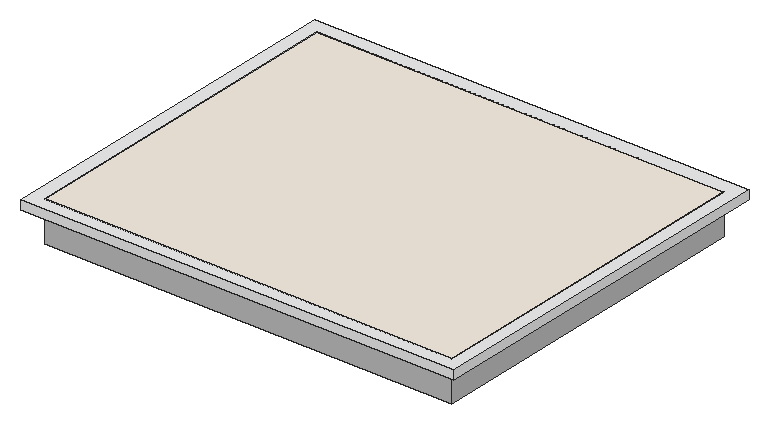
Revit family "Lighting-Industriale-GEWISS-ELIA-HL-LED_RIFLETTORE", category Apparecchi per illuminazione, host Superficie, Revit 2019 (continued)
Types (12, lengths in mm): name | Tensione | Scheda Tecnica | Potenza di sistema | Peso (kg): | Peso (kg) | Ottica | built-in parameter 1150142 | Lumen output (lm) | Modello | IDT | File diagramma fotometrico | Description
  GWF1000QM840 - ELIA HL L2 120° 4000K S.ALONE ON/OFF | "100-240 V " | "https://www.gewiss.com/it/it/search?q=GWF1000QM840" | "200W" | "4,3" | "4,3" | "120°" | "IESNA:LM-63-1995\r\n[TEST] HB25-120-4080-120D-H00115\r\n[DATE] 27 Nov 2019\r\n[MANUFAC] GEWISS\r\n[LUMCAT] GWF1000QM840\r\n[LUMINAIRE] ELIA HL - L2 120° LED840 200W\r\n[FLASHAREA] 0.013851\r\n[LAMPCAT] LED 200W/28000lm\r\n[LAMP] LED 200W/28000lm\r\nTILT=NONE\r\n1 28000.00 1.0 181 37 1 2 -0.270 0.000 0.000\r\n1.00 1.00 200.00\r\n0.00 0.50 1.00 1.50 2.00 2.50 3.00 3.50 4.00 4.50 5.00 \r\n5.50 6.00 6.50 7.00 7.50 8.00 8.50 9.00 9.50 10.00 10.50 \r\n11.00 11.50 12.00 12.50 13.00 13.50 14.00 14.50 15.00 \r\n15.50 16.00 16.50 17.00 17.50 18.00 18.50 19.00 19.50 \r\n20.00 20.50 21.00 21.50 22.00 22.50 23.00 23.50 24.00 \r\n24.50 25.00 25.50 26.00 26.50 27.00 27.50 28.00 28.50 \r\n29.00 29.50 30.00 30.50 31.00 31.50 32.00 32.50 33.00 \r\n33.50 34.00 34.50 35.00 35.50 36.00 36.50 37.00 37.50 \r\n38.00 38.50 39.00 39.50 40.00 40.50 41.00 41.50 42.00 \r\n42.50 43.00 43.50 44.00 44.50 45.00 45.50 46.00 46.50 \r\n47.00 47.50 48.00 48.50 49.00 49.50 50.00 50.50 51.00 \r\n51.50 52.00 52.50 53.00 53.50 54.00 54.50 55.00 55.50 \r\n56.00 56.50 57.00 57.50 58.00 58.50 59.00 59.50 60.00 \r\n60.50 61.00 61.50 62.00 62.50 63.00 63.50 64.00 64.50 \r\n65.00 65.50 66.00 66.50 67.00 67.50 68.00 68.50 69.00 \r\n69.50 70.00 70.50 71.00 71.50 72.00 72.50 73.00 73.50 \r\n74.00 74.50 75.00 75.50 76.00 76.50 77.00 77.50 78.00 \r\n78.50 79.00 79.50 80.00 80.50 81.00 81.50 82.00 82.50 \r\n83.00 83.50 84.00 84.50 85.00 85.50 86.00 86.50 87.00 \r\n87.50 88.00 88.50 89.00 89.50 90.00 \r\n0.00 2.50 5.00 7.50 10.00 12.50 15.00 17.50 20.00 22.50 \r\n25.00 27.50 30.00 32.50 35.00 37.50 40.00 42.50 45.00 \r\n47.50 50.00 52.50 55.00 57.50 60.00 62.50 65.00 67.50 \r\n70.00 72.50 75.00 77.50 80.00 82.50 85.00 87.50 90.00 \r\n8142.40 8142.40 8145.20 8145.20 8148.00 8148.00 8150.80 \r\n8153.60 8159.20 8162.00 8164.80 8170.40 8176.00 8178.80 \r\n8184.40 8190.00 8198.40 8204.00 8209.60 8218.00 8223.60 \r\n8232.00 8237.60 8246.00 8251.60 8260.00 8268.40 8274.00 \r\n8279.60 8288.00 8293.60 8302.00 8310.40 8318.80 8327.20 \r\n8338.40 8346.80 8358.00 8366.40 8377.60 8388.80 8397.20 \r\n8408.40 8419.60 8430.80 8442.00 8453.20 8464.40 8475.60 \r\n8486.80 8498.00 8509.20 8520.40 8528.80 8540.00 8551.20 \r\n8559.60 8568.00 8576.40 8584.80 8590.40 8596.00 8601.60 \r\n8607.20 8610.00 8612.80 8615.60 8615.60 8615.60 8615.60 \r\n8612.80 8607.20 8601.60 8593.20 8584.80 8573.60 8562.40 \r\n8545.60 8528.80 8512.00 8489.60 8467.20 8442.00 8416.80 \r\n8388.80 8358.00 8327.20 8293.60 8257.20 8220.80 8178.80 \r\n8136.80 8086.40 8030.40 7968.80 7898.80 7817.60 7728.00 \r\n7630.00 7520.80 7406.00 7291.20 7176.40 7061.60 6941.20 \r\n6809.60 6664.00 6498.80 6325.20 6143.20 5958.40 5770.80 \r\n5583.20 5401.20 5222.00 5048.40 4877.60 4706.80 4538.80 \r\n4376.40 4216.80 4057.20 3900.40 3749.20 3600.80 3452.40 \r\n3309.60 3172.40 3038.00 2906.40 2779.00 2653.00 2530.64 \r\n2414.16 2301.04 2187.08 2076.48 1973.44 1874.32 1776.04 \r\n1679.16 1582.28 1487.64 1396.36 1309.56 1229.76 1154.44 \r\n1081.08 1010.80 945.28 882.84 823.20 766.36 712.04 659.96 \r\n611.24 564.20 517.16 472.08 430.08 390.04 351.12 314.72 \r\n282.24 252.39 223.08 195.36 169.82 145.99 123.68 102.84 \r\n83.24 65.60 50.76 38.11 27.21 18.58 12.77 9.31 7.90 8.64 \r\n8142.40 8142.40 8145.20 8145.20 8148.00 8148.00 8150.80 \r\n8153.60 8159.20 8162.00 8164.80 8170.40 8176.00 8178.80 \r\n8184.40 8190.00 8195.60 8204.00 8209.60 8216.60 8223.60 \r\n8232.00 8239.00 8246.00 8253.00 8260.00 8267.00 8274.00 \r\n8281.00 8288.00 8295.00 8302.00 8310.40 8318.80 8327.20 \r\n8338.40 8346.80 8358.00 8366.40 8377.60 8388.80 8400.00 \r\n8411.20 8421.00 8430.80 8442.00 8453.20 8464.40 8475.60 \r\n8486.80 8498.00 8509.20 8520.40 8530.20 8541.40 8551.20 \r\n8561.00 8569.40 8577.80 8586.20 8591.80 8598.80 8604.40 \r\n8608.60 8612.80 8615.60 8617.00 8618.40 8617.00 8617.00 \r\n8614.20 8610.00 8604.40 8596.00 8586.20 8576.40 8563.80 \r\n8548.40 8531.60 8513.40 8493.80 8471.40 8447.60 8419.60 \r\n8391.60 8363.60 8332.80 8299.20 8262.80 8223.60 8184.40 \r\n8139.60 8090.60 8034.60 7973.00 7901.60 7823.20 7735.00 \r\n7637.00 7527.80 7414.40 7299.60 7182.00 7067.20 6945.40 \r\n6813.80 6669.60 6505.80 6329.40 6147.40 5962.60 5775.00 \r\n5587.40 5405.40 5227.60 5052.60 4881.80 4711.00 4544.40 \r\n4380.60 4221.00 4062.80 3907.40 3753.40 3603.60 3458.00 \r\n3315.20 3176.60 3039.40 2907.80 2780.68 2654.96 2532.74 \r\n2416.54 2303.14 2189.32 2078.72 1975.26 1875.16 1776.60 \r\n1679.02 1582.14 1487.22 1395.80 1308.86 1228.64 1152.76 \r\n1079.54 1009.68 944.30 882.42 822.92 766.08 712.04 660.38 \r\n611.38 564.20 517.30 472.22 429.94 389.90 350.84 314.44 \r\n281.96 251.86 222.77 195.30 169.69 145.80 123.52 102.77 \r\n83.23 65.65 50.82 38.19 27.29 18.65 12.89 9.47 8.02 8.67 \r\n8142.40 8142.40 8143.80 8145.20 8148.00 8148.00 8150.80 \r\n8153.60 8157.80 8162.00 8164.80 8170.40 8174.60 8178.80 \r\n8184.40 8190.00 8195.60 8204.00 8209.60 8216.60 8223.60 \r\n8230.60 8239.00 8246.00 8253.00 8261.40 8267.00 8275.40 \r\n8281.00 8289.40 8295.00 8303.40 8311.80 8318.80 8328.60 \r\n8338.40 8349.60 8358.00 8369.20 8377.60 8388.80 8400.00 \r\n8411.20 8422.40 8433.60 8444.80 8456.00 8467.20 8477.00 \r\n8488.20 8499.40 8510.60 8521.80 8531.60 8541.40 8552.60 \r\n8561.00 8570.80 8579.20 8587.60 8593.20 8601.60 8605.80 \r\n8610.00 8614.20 8617.00 8619.80 8619.80 8619.80 8618.40 \r\n8615.60 8611.40 8605.80 8598.80 8589.00 8579.20 8566.60 \r\n8551.20 8535.80 8516.20 8496.60 8474.20 8450.40 8423.80 \r\n8395.80 8366.40 8335.60 8302.00 8265.60 8229.20 8187.20 \r\n8143.80 8093.40 8037.40 7974.40 7904.40 7827.40 7740.60 \r\n7644.00 7534.80 7421.40 7305.20 7187.60 7072.80 6949.60 \r\n6818.00 6672.40 6510.00 6333.60 6151.60 5965.40 5777.80 \r\n5591.60 5409.60 5230.40 5055.40 4884.60 4713.80 4548.60 \r\n4384.80 4226.60 4067.00 3911.60 3757.60 3607.80 3462.20 \r\n3319.40 3179.40 3042.20 2909.20 2781.52 2655.80 2534.14 \r\n2417.94 2304.54 2190.72 2079.84 1975.82 1875.30 1776.18 \r\n1678.46 1581.16 1486.24 1394.68 1307.60 1226.82 1150.66 \r\n1077.44 1008.00 943.04 881.58 822.22 765.66 711.76 660.24 \r\n611.24 563.92 517.02 471.94 429.52 389.48 350.42 313.88 \r\n281.40 251.17 222.29 195.03 169.41 145.45 123.24 102.59 \r\n83.15 65.62 50.83 38.22 27.33 18.73 13.01 9.61 8.13 8.69 \r\n8142.40 8142.40 8142.40 8145.20 8146.60 8148.00 8150.80 \r\n8153.60 8157.80 8160.60 8164.80 8169.00 8174.60 8178.80 \r\n8184.40 8190.00 8195.60 8202.60 8209.60 8216.60 8223.60 \r\n8230.60 8239.00 8246.00 8253.00 8260.00 8268.40 8274.00 \r\n8282.40 8289.40 8296.40 8303.40 8311.80 8320.20 8330.00 \r\n8338.40 8349.60 8358.00 8369.20 8380.40 8390.20 8401.40 \r\n8411.20 8422.40 8433.60 8444.80 8456.00 8467.20 8478.40 \r\n8488.20 8499.40 8510.60 8521.80 8531.60 8542.80 8554.00 \r\n8562.40 8572.20 8580.60 8589.00 8596.00 8603.00 8608.60 \r\n8612.80 8617.00 8619.80 8621.20 8622.60 8622.60 8621.20 \r\n8618.40 8614.20 8608.60 8601.60 8591.80 8582.00 8568.00 \r\n8554.00 8537.20 8519.00 8499.40 8477.00 8453.20 8426.60 \r\n8398.60 8370.60 8339.80 8304.80 8268.40 8232.00 8190.00 \r\n8146.60 8097.60 8040.20 7977.20 7908.60 7831.60 7744.80 \r\n7648.20 7540.40 7427.00 7310.80 7193.20 7075.60 6952.40 \r\n6820.80 6676.60 6511.40 6336.40 6154.40 5966.80 5780.60 \r\n5593.00 5411.00 5231.80 5056.80 4886.00 4718.00 4552.80 \r\n4389.00 4229.40 4071.20 3914.40 3761.80 3609.20 3463.60 \r\n3320.80 3180.80 3043.60 2910.60 2781.52 2656.08 2534.70 \r\n2418.50 2305.10 2191.14 2080.40 1975.82 1874.74 1775.06 \r\n1677.06 1579.62 1484.70 1393.14 1305.92 1224.86 1148.14 \r\n1075.20 1006.18 941.50 880.32 821.24 764.68 710.92 659.82 \r\n610.68 563.22 516.46 471.38 429.10 388.92 349.86 313.32 \r\n280.64 250.40 221.68 194.61 168.98 144.98 122.85 102.33 \r\n82.98 65.52 50.78 38.19 27.35 18.79 13.12 9.74 8.23 8.71 \r\n8142.40 8142.40 8142.40 8145.20 8146.60 8148.00 8150.80 \r\n8153.60 8157.80 8160.60 8164.80 8169.00 8174.60 8178.80 \r\n8184.40 8190.00 8195.60 8202.60 8209.60 8216.60 8225.00 \r\n8230.60 8239.00 8246.00 8254.40 8260.00 8268.40 8274.00 \r\n8282.40 8290.80 8296.40 8304.80 8311.80 8320.20 8330.00 \r\n8339.80 8349.60 8360.80 8369.20 8380.40 8390.20 8401.40 \r\n8412.60 8423.80 8435.00 8446.20 8456.00 8467.20 8478.40 \r\n8489.60 8500.80 8512.00 8523.20 8534.40 8544.20 8555.40 \r\n8563.80 8575.00 8583.40 8590.40 8597.40 8604.40 8610.00 \r\n8615.60 8618.40 8621.20 8624.00 8624.00 8624.00 8624.00 \r\n8621.20 8617.00 8611.40 8604.40 8594.60 8583.40 8570.80 \r\n8555.40 8538.60 8521.80 8500.80 8479.80 8456.00 8430.80 \r\n8402.80 8373.40 8342.60 8309.00 8272.60 8234.80 8194.20 \r\n8149.40 8099.00 8043.00 7980.00 7911.40 7834.40 7749.00 \r\n7652.40 7546.00 7432.60 7315.00 7197.40 7077.00 6953.80 \r\n6820.80 6676.60 6514.20 6339.20 6155.80 5968.20 5780.60 \r\n5594.40 5411.00 5233.20 5058.20 4887.40 4719.40 4555.60 \r\n4391.80 4232.20 4072.60 3917.20 3761.80 3612.00 3465.00 \r\n3322.20 3182.20 3045.00 2910.60 2781.10 2655.66 2534.70 \r\n2418.36 2304.82 2191.00 2079.84 1975.12 1873.62 1773.38 \r\n1675.24 1577.80 1482.88 1391.32 1303.96 1222.48 1145.62 \r\n1072.82 1003.94 939.68 878.78 819.84 763.56 710.08 658.98 \r\n609.98 562.38 515.62 470.54 428.40 388.22 349.16 312.48 \r\n279.78 249.56 220.96 194.04 168.43 144.45 122.40 101.96 \r\n82.74 65.41 50.68 38.12 27.34 18.85 13.23 9.87 8.31 8.72 \r\n8142.40 8142.40 8142.40 8145.20 8146.60 8148.00 8150.80 \r\n8155.00 8157.80 8160.60 8164.80 8169.00 8174.60 8178.80 \r\n8184.40 8190.00 8195.60 8201.20 8209.60 8216.60 8225.00 \r\n8230.60 8239.00 8246.00 8254.40 8261.40 8268.40 8275.40 \r\n8282.40 8290.80 8297.80 8304.80 8313.20 8323.00 8331.40 \r\n8341.20 8351.00 8360.80 8372.00 8381.80 8393.00 8402.80 \r\n8412.60 8423.80 8435.00 8446.20 8457.40 8468.60 8479.80 \r\n8491.00 8502.20 8512.00 8524.60 8535.80 8545.60 8555.40 \r\n8566.60 8575.00 8584.80 8593.20 8598.80 8607.20 8612.80 \r\n8617.00 8621.20 8625.40 8625.40 8628.20 8628.20 8625.40 \r\n8622.60 8619.80 8614.20 8605.80 8597.40 8586.20 8573.60 \r\n8558.20 8542.80 8523.20 8503.60 8482.60 8458.80 8432.20 \r\n8404.20 8376.20 8345.40 8310.40 8274.00 8237.60 8197.00 \r\n8150.80 8101.80 8044.40 7981.40 7914.20 7837.20 7751.80 \r\n7655.20 7550.20 7436.80 7319.20 7198.80 7079.80 6955.20 \r\n6822.20 6676.60 6514.20 6339.20 6155.80 5968.20 5780.60 \r\n5594.40 5412.40 5233.20 5058.20 4887.40 4720.80 4558.40 \r\n4394.60 4232.20 4074.00 3920.00 3764.60 3612.00 3466.40 \r\n3325.00 3183.60 3045.00 2910.60 2780.26 2654.96 2534.14 \r\n2417.94 2304.12 2190.16 2079.00 1973.72 1871.80 1771.56 \r\n1673.00 1575.56 1480.64 1389.22 1301.72 1219.96 1142.96 \r\n1070.30 1001.70 937.72 877.10 818.30 762.16 708.96 658.00 \r\n608.72 561.12 514.64 469.70 427.56 387.38 348.32 311.64 \r\n278.89 248.70 220.19 193.38 167.80 143.85 121.88 101.56 \r\n82.46 65.25 50.55 38.01 27.31 18.90 13.33 9.98 8.39 8.72 \r\n8142.40 8142.40 8142.40 8145.20 8146.60 8148.00 8150.80 \r\n8155.00 8157.80 8160.60 8163.40 8169.00 8174.60 8178.80 \r\n8184.40 8190.00 8195.60 8201.20 8209.60 8216.60 8223.60 \r\n8230.60 8239.00 8246.00 8254.40 8261.40 8268.40 8275.40 \r\n8283.80 8290.80 8299.20 8306.20 8314.60 8323.00 8332.80 \r\n8341.20 8352.40 8362.20 8372.00 8383.20 8393.00 8404.20 \r\n8415.40 8426.60 8437.80 8447.60 8458.80 8470.00 8481.20 \r\n8491.00 8502.20 8514.80 8524.60 8535.80 8547.00 8558.20 \r\n8568.00 8576.40 8586.20 8594.60 8601.60 8608.60 8614.20 \r\n8619.80 8622.60 8626.80 8628.20 8631.00 8629.60 8628.20 \r\n8625.40 8621.20 8615.60 8608.60 8600.20 8589.00 8576.40 \r\n8561.00 8545.60 8526.00 8506.40 8485.40 8461.60 8435.00 \r\n8408.40 8379.00 8346.80 8313.20 8276.80 8239.00 8198.40 \r\n8155.00 8103.20 8045.80 7982.80 7915.60 7840.00 7754.60 \r\n7659.40 7553.00 7438.20 7322.00 7201.60 7079.80 6955.20 \r\n6822.20 6676.60 6514.20 6339.20 6155.80 5966.80 5780.60 \r\n5593.00 5411.00 5233.20 5058.20 4887.40 4722.20 4559.80 \r\n4396.00 4233.60 4076.80 3920.00 3764.60 3613.40 3467.80 \r\n3325.00 3183.60 3045.00 2910.60 2779.00 2653.98 2533.30 \r\n2416.96 2302.86 2188.90 2077.60 1972.04 1869.84 1769.32 \r\n1670.62 1573.18 1478.40 1386.98 1299.48 1217.58 1140.16 \r\n1067.64 999.46 935.62 875.28 816.62 760.62 707.56 656.88 \r\n607.46 559.86 513.38 468.86 426.72 386.54 347.48 310.80 \r\n278.03 247.81 219.41 192.68 167.15 143.23 121.34 101.12 \r\n82.17 65.07 50.41 37.88 27.28 18.96 13.43 10.09 8.47 8.71 \r\n8142.40 8142.40 8142.40 8145.20 8146.60 8148.00 8150.80 \r\n8155.00 8157.80 8160.60 8163.40 8169.00 8174.60 8177.40 \r\n8183.00 8190.00 8195.60 8201.20 8209.60 8216.60 8223.60 \r\n8232.00 8239.00 8246.00 8254.40 8261.40 8269.80 8275.40 \r\n8283.80 8292.20 8299.20 8307.60 8314.60 8324.40 8332.80 \r\n8344.00 8352.40 8363.60 8373.40 8384.60 8394.40 8405.60 \r\n8415.40 8426.60 8437.80 8449.00 8460.20 8470.00 8481.20 \r\n8493.80 8503.60 8514.80 8527.40 8538.60 8548.40 8559.60 \r\n8568.00 8579.20 8587.60 8596.00 8604.40 8611.40 8617.00 \r\n8622.60 8626.80 8629.60 8632.40 8632.40 8632.40 8631.00 \r\n8628.20 8624.00 8618.40 8611.40 8601.60 8590.40 8579.20 \r\n8562.40 8547.00 8527.40 8509.20 8486.80 8464.40 8439.20 \r\n8411.20 8381.80 8351.00 8316.00 8279.60 8241.80 8199.80 \r\n8156.40 8104.60 8047.20 7984.20 7915.60 7841.40 7756.00 \r\n7660.80 7555.80 7442.40 7324.80 7203.00 7081.20 6955.20 \r\n6820.80 6675.20 6512.80 6337.80 6154.40 5965.40 5779.20 \r\n5591.60 5411.00 5231.80 5056.80 4887.40 4722.20 4559.80 \r\n4396.00 4233.60 4076.80 3921.40 3766.00 3613.40 3467.80 \r\n3325.00 3183.60 3045.00 2909.20 2777.74 2652.72 2532.32 \r\n2415.56 2301.18 2187.22 2075.92 1970.22 1867.74 1767.08 \r\n1668.24 1570.80 1476.16 1384.74 1297.38 1215.20 1137.64 \r\n1065.12 997.08 933.66 873.32 814.94 758.94 706.16 655.62 \r\n606.20 558.46 512.12 467.88 425.88 385.56 346.64 309.96 \r\n277.16 246.99 218.61 191.94 166.47 142.63 120.82 100.69 \r\n81.87 64.90 50.25 37.74 27.23 19.01 13.53 10.20 8.54 8.71 \r\n8142.40 8142.40 8142.40 8145.20 8146.60 8148.00 8150.80 \r\n8155.00 8157.80 8160.60 8163.40 8169.00 8173.20 8177.40 \r\n8183.00 8188.60 8195.60 8201.20 8209.60 8216.60 8223.60 \r\n8232.00 8240.40 8247.40 8255.80 8261.40 8269.80 8276.80 \r\n8283.80 8292.20 8300.60 8307.60 8316.00 8325.80 8335.60 \r\n8344.00 8353.80 8365.00 8376.20 8386.00 8395.80 8405.60 \r\n8416.80 8428.00 8439.20 8450.40 8461.60 8472.80 8484.00 \r\n8493.80 8505.00 8516.20 8527.40 8538.60 8549.80 8559.60 \r\n8570.80 8580.60 8590.40 8598.80 8605.80 8614.20 8619.80 \r\n8624.00 8628.20 8632.40 8635.20 8635.20 8635.20 8633.80 \r\n8631.00 8626.80 8621.20 8612.80 8604.40 8593.20 8580.60 \r\n8565.20 8549.80 8530.20 8512.00 8489.60 8467.20 8440.60 \r\n8412.60 8383.20 8351.00 8316.00 8281.00 8241.80 8202.60 \r\n8156.40 8106.00 8048.60 7984.20 7917.00 7842.80 7757.40 \r\n7662.20 7557.20 7445.20 7326.20 7204.40 7081.20 6953.80 \r\n6819.40 6673.80 6511.40 6336.40 6153.00 5964.00 5776.40 \r\n5590.20 5409.60 5229.00 5055.40 4884.60 4720.80 4561.20 \r\n4397.40 4233.60 4075.40 3921.40 3766.00 3613.40 3467.80 \r\n3326.40 3183.60 3045.00 2909.20 2776.48 2651.46 2531.20 \r\n2414.16 2299.50 2185.40 2074.10 1968.40 1865.64 1764.70 \r\n1665.86 1568.56 1473.92 1382.64 1295.28 1212.82 1135.26 \r\n1062.74 994.98 931.70 871.50 813.26 757.40 704.76 654.22 \r\n604.94 557.06 511.14 466.90 424.90 384.72 345.80 309.12 \r\n276.37 246.22 217.85 191.23 165.83 142.06 120.30 100.25 \r\n81.58 64.72 50.09 37.59 27.18 19.07 13.63 10.30 8.60 8.70 \r\n8142.40 8142.40 8142.40 8145.20 8146.60 8148.00 8150.80 \r\n8153.60 8156.40 8160.60 8163.40 8169.00 8173.20 8177.40 \r\n8183.00 8188.60 8195.60 8201.20 8209.60 8216.60 8223.60 \r\n8232.00 8240.40 8247.40 8255.80 8261.40 8269.80 8278.20 \r\n8285.20 8292.20 8300.60 8310.40 8317.40 8325.80 8335.60 \r\n8345.40 8356.60 8365.00 8376.20 8387.40 8397.20 8408.40 \r\n8418.20 8428.00 8440.60 8451.80 8463.00 8472.80 8484.00 \r\n8495.20 8506.40 8517.60 8530.20 8540.00 8551.20 8562.40 \r\n8573.60 8582.00 8591.80 8600.20 8608.60 8615.60 8622.60 \r\n8626.80 8631.00 8635.20 8636.60 8638.00 8638.00 8635.20 \r\n8632.40 8629.60 8624.00 8615.60 8607.20 8596.00 8582.00 \r\n8568.00 8551.20 8533.00 8512.00 8492.40 8468.60 8442.00 \r\n8415.40 8384.60 8353.80 8318.80 8281.00 8244.60 8204.00 \r\n8157.80 8106.00 8048.60 7985.60 7918.40 7844.20 7758.80 \r\n7665.00 7560.00 7445.20 7326.20 7204.40 7081.20 6953.80 \r\n6818.00 6671.00 6507.20 6333.60 6150.20 5962.60 5775.00 \r\n5588.80 5406.80 5229.00 5054.00 488
